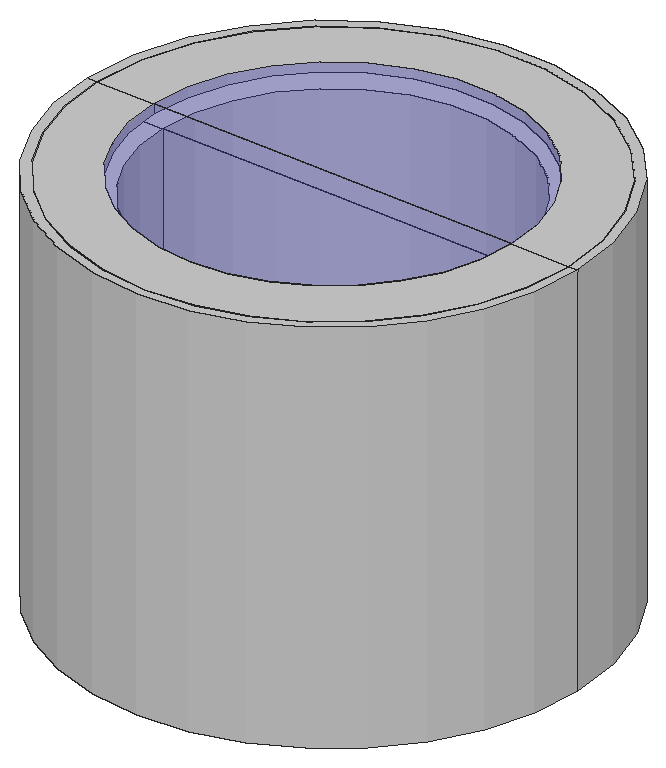
Revit family "77852_HOST_FACE", category Lighting Fixtures, host Face, Revit 2015 (continued)
Types (5): name | Wattage | built-in parameter 1150134 | Photometric Web File | built-in parameter 1150142 | Model | built-in parameter 1150105 | Lumens | Lamp | built-in parameter 1150107 | built-in parameter 1150106 | Description | Default Elevation
    30 0.65 0.00 0.00 0.00 0.00 0.00 0.00 0.00 0.00 0.00 0.94 1.88 2.65 3.41 4.47 5.53 6.78 8.02 9.57 11.12\r\n 12.62 14.12 15.49 16.85 18.20 19.54 20.79 22.03 23.21 24.39 25.38 26.36 27.15 27.93 28.48 29.02 29.47 29.91 30.49 31.07 31.89 32.00\r\n0.99 1.00 1.02 1.02 1.02 1.04 1.06 1.09 1.13 1.14 1.16 1.17 1.20 1.23 1.26 1.27 1.29 1.31 1.32 1.33 1.34 1.34 1.34 1.35 1.35 1.34 1.33 1.32 1.32 1.32 1.31 0.72 0.08 0.00 0.00 0.00 0.00 0.00 0.00 0.00 0.11 1.01 1.91 2.67 3.45 4.48 5.54 6.84 8.13 9.66 11.19\r\n 12.67 14.16 15.52 16.89 18.23 19.57 20.81 22.05 23.23 24.40 25.39 26.37 27.15 27.93 28.48 29.02 29.47 29.91 30.49 31.07 31.89 32.00\r\n0.99 1.00 1.02 1.02 1.02 1.04 1.06 1.09 1.12 1.14 1.15 1.17 1.20 1.23 1.25 1.27 1.28 1.30 1.31 1.33 1.35 1.35 1.35 1.35 1.34 1.33 1.33 1.33 1.32 1.31 1.31 0.90 0.30 0.00 0.00 0.00 0.00 0.00 0.00 0.00 0.41 1.23 2.02 2.71 3.51 4.51 5.57 6.90 8.25 9.75 11.26\r\n 12.78 14.26 15.62 16.99 18.32 19.65 20.88 22.10 23.28 24.44 25.42 26.39 27.17 27.95 28.49 29.03 29.47 29.92 30.50 31.08 31.89 32.00\r\n0.99 1.00 1.02 1.02 1.03 1.04 1.06 1.09 1.12 1.13 1.14 1.17 1.20 1.23 1.25 1.26 1.28 1.30 1.32 1.33 1.35 1.35 1.35 1.35 1.34 1.34 1.33 1.33 1.33 1.32 1.31 1.18 0.64 0.15 0.00 0.00 0.00 0.00 0.00 0.20 0.83 1.56 2.24 2.89 3.73 4.71 5.79 7.07 8.43 9.89 11.39\r\n 12.94 14.42 15.78 17.12 18.45 19.76 20.98 22.19 23.36 24.50 25.48 26.43 27.21 27.97 28.51 29.04 29.48 29.92 30.50 31.08 31.90 32.00\r\n0.99 1.00 1.02 1.02 1.03 1.05 1.06 1.09 1.11 1.13 1.14 1.17 1.20 1.22 1.24 1.26 1.28 1.30 1.32 1.33 1.34 1.35 1.35 1.35 1.35 1.34 1.33 1.32 1.32 1.33 1.31 1.30 1.07 0.63 0.31 0.09 0.00 0.11 0.41 0.86 1.39 1.94 2.51 3.15 4.18 5.15 6.21 7.39 8.75 10.12 \r\n11.63 13.22 14.68 16.00 17.32 18.64 19.92 21.12 22.31 23.47 24.59 25.55 26.49 27.26 28.00 28.53 29.06 29.49 29.94 30.51 31.09 31.90 32.00\r\n0.99 1.00 1.02 1.02 1.03 1.05 1.06 1.09 1.11 1.12 1.14 1.17 1.19 1.22 1.24 1.26 1.27 1.29 1.31 1.32 1.34 1.35 1.35 1.35 1.34 1.33 1.32 1.32 1.33 1.32 1.31 1.32 1.30 1.18 0.92 0.80 0.80 0.95 1.22 1.60 2.00 2.42 2.89 3.67 4.62 5.65 6.75 7.82 9.29 10.71 \r\n12.13 13.63 15.01 16.29 17.58 18.87 20.12 21.30 22.47 23.61 24.70 25.65 26.55 27.32 28.04 28.57 29.08 29.51 29.96 30.53 31.11 31.91 32.00\r\n0.99 1.00 1.02 1.02 1.03 1.05 1.06 1.09 1.10 1.12 1.14 1.17 1.19 1.21 1.23 1.26 1.27 1.29 1.30 1.31 1.33 1.35 1.35 1.35 1.34 1.33 1.33 1.33 1.33 1.34 1.36 1.37 1.39 1.41 1.45 1.50 1.59 1.76 1.95 2.23 2.58 2.99 3.55 4.28 5.15 6.18 7.23 8.49 9.95 11.36 \r\n12.72 14.14 15.38 16.64 17.90 19.15 20.35 21.52 22.66 23.79 24.83 25.76 26.63 27.39 28.08 28.61 29.11 29.53 29.98 30.55 31.13 31.92 32.00\r\n0.99 1.00 1.02 1.02 1.03 1.05 1.06 1.08 1.10 1.12 1.14 1.16 1.18 1.20 1.23 1.25 1.27 1.28 1.29 1.31 1.33 1.34 1.35 1.35 1.35 1.34 1.35 1.36 1.38 1.40 1.46 1.50 1.54 1.60 1.72 1.85 2.03 2.25 2.49 2.80 3.17 3.74 4.38 5.04 5.87 6.85 7.85 9.19 10.62 11.99 \r\n13.28 14.58 15.80 17.03 18.25 19.48 20.63 21.78 22.88 23.99 24.98 25.90 26.73 27.48 28.14 28.65 29.14 29.56 30.01 30.57 31.15 31.93 32.00\r\n0.99 1.00 1.01 1.02 1.03 1.05 1.06 1.08 1.10 1.12 1.14 1.16 1.18 1.19 1.22 1.25 1.26 1.28 1.29 1.30 1.32 1.34 1.35 1.35 1.36 1.37 1.40 1.44 1.49 1.55 1.62 1.70 1.81 1.90 2.05 2.23 2.46 2.74 3.06 3.48 3.98 4.56 5.19 5.95 6.79 7.65 8.66 9.88 11.27 12.58 \r\n13.87 15.07 16.26 17.46 18.66 19.83 20.94 22.07 23.14 24.22 25.15 26.05 26.84 27.58 28.20 28.71 29.18 29.59 30.04 30.59 31.17 31.94 32.00\r\n0.99 1.00 1.01 1.02 1.03 1.05 1.06 1.08 1.10 1.12 1.14 1.16 1.18 1.19 1.21 1.24 1.25 1.27 1.28 1.29 1.31 1.33 1.35 1.37 1.40 1.44 1.51 1.58 1.66 1.76 1.85 1.98 2.13 2.29 2.51 2.76 3.06 3.39 3.77 4.22 4.77 5.36 6.04 6.84 7.71 8.61 9.51 10.61 11.90 13.23 \r\n14.44 15.58 16.79 17.91 19.09 20.21 21.29 22.37 23.42 24.45 25.34 26.22 26.97 27.70 28.26 28.76 29.22 29.62 30.08 30.62 31.20 31.95 32.00\r\n0.99 1.00 1.01 1.02 1.03 1.05 1.06 1.08 1.09 1.11 1.14 1.16 1.17 1.18 1.20 1.22 1.24 1.25 1.27 1.28 1.31 1.33 1.37 1.42 1.49 1.58 1.68 1.78 1.89 2.01 2.15 2.33 2.52 2.74 3.01 3.31 3.65 4.04 4.47 4.98 5.56 6.18 6.84 7.62 8.60 9.60 10.46 11.45 12.66 13.93 \r\n15.01 16.12 17.25 18.41 19.54 20.60 21.68 22.70 23.72 24.69 25.55 26.40 27.11 27.83 28.34 28.83 29.26 29.66 30.12 30.65 31.22 31.97 32.00\r\n0.99 1.00 1.01 1.02 1.03 1.05 1.06 1.07 1.09 1.11 1.13 1.15 1.17 1.18 1.20 1.21 1.23 1.24 1.25 1.28 1.31 1.37 1.45 1.53 1.64 1.76 1.89 2.02 2.16 2.33 2.50 2.71 2.96 3.25 3.56 3.91 4.31 4.75 5.22 5.77 6.38 7.01 7.69 8.49 9.43 10.46 11.41 12.34 13.48 14.55 \r\n15.60 16.68 17.78 18.89 19.98 21.01 22.05 23.06 24.05 24.93 25.78 26.57 27.26 27.95 28.42 28.90 29.31 29.70 30.16 30.68 31.26 31.98 32.00\r\n0.99 1.00 1.01 1.02 1.03 1.04 1.06 1.07 1.09 1.10 1.12 1.15 1.16 1.17 1.19 1.20 1.22 1.24 1.27 1.30 1.36 1.46 1.55 1.68 1.82 1.97 2.13 2.29 2.48 2.70 2.93 3.18 3.45 3.78 4.13 4.52 4.96 5.45 5.96 6.54 7.19 7.84 8.55 9.36 10.25 11.20 12.16 13.16 14.16 15.17\r\n 16.22 17.26 18.32 19.40 20.42 21.45 22.44 23.42 24.39 25.20 26.02 26.75 27.43 28.04 28.51 29.00 29.36 29.74 30.21 30.72 31.29 32.00 32.00\r\n0.99 1.00 1.01 1.02 1.03 1.04 1.06 1.07 1.08 1.10 1.12 1.14 1.15 1.16 1.18 1.20 1.21 1.25 1.28 1.33 1.46 1.56 1.71 1.84 2.03 2.21 2.40 2.61 2.83 3.09 3.37 3.66 3.98 4.34 4.74 5.19 5.67 6.18 6.72 7.32 7.97 8.66 9.38 10.19 11.05 11.96 12.91 13.86 14.82 \r\n15.83 16.82 17.86 18.89 19.89 20.88 21.88 22.84 23.79 24.68 25.48 26.28 26.94 27.61 28.15 28.60 29.05 29.42 29.79 30.26 30.76 31.33 32.02 32.00\r\n0.99 1.00 1.01 1.02 1.03 1.04 1.05 1.06 1.08 1.09 1.11 1.13 1.14 1.15 1.17 1.19 1.22 1.26 1.30 1.43 1.56 1.72 1.88 2.07 2.26 2.48 2.70 2.94 3.22 3.52 3.84 4.17 4.54 4.93 5.36 5.85 6.38 6.91 7.47 8.09 8.75 9.47 10.20 11.00 11.85 12.73 13.63 14.55 15.52 \r\n16.46 17.44 18.44 19.42 20.38 21.36 22.30 23.25 24.18 24.98 25.79 26.50 27.14 27.80 28.26 28.70 29.12 29.48 29.84 30.31 30.80 31.37 32.04 32.00\r\n0.99 1.00 1.01 1.02 1.03 1.04 1.05 1.06 1.07 1.09 1.11 1.12 1.13 1.15 1.17 1.18 1.24 1.28 1.39 1.54 1.70 1.89 2.09 2.30 2.53 2.76 3.04 3.32 3.62 3.97 4.33 4.70 5.12 5.55 6.02 6.54 7.09 7.64 8.23 8.85 9.52 10.27 11.02 11.79 12.61 13.48 14.35 15.26 16.17 \r\n17.11 18.07 19.01 19.95 20.89 21.82 22.75 23.67 24.52 25.29 26.07 26.73 27.35 27.95 28.38 28.81 29.19 29.54 29.90 30.37 30.85 31.41 32.06 32.00\r\n0.99 1.00 1.01 1.01 1.03 1.04 1.05 1.06 1.07 1.08 1.10 1.12 1.13 1.14 1.16 1.21 1.26 1.33 1.49 1.65 1.86 2.06 2.30 2.54 2.82 3.10 3.40 3.72 4.04 4.43 4.82 5.23 5.69 6.17 6.68 7.22 7.79 8.37 8.98 9.61 10.29 11.02 11.76 12.54 13.36 14.23 15.08 15.95 16.85 \r\n17.78 18.66 19.58 20.48 21.42 22.30 23.21 24.07 24.84 25.62 26.32 26.96 27.57 28.07 28.51 28.92 29.27 29.61 29.98 30.43 30.90 31.45 32.08 32.00\r\n0.99 1.00 1.01 1.01 1.02 1.04 1.05 1.05 1.06 1.07 1.09 1.11 1.12 1.13 1.17 1.23 1.29 1.42 1.58 1.79 2.02 2.26 2.52 2.81 3.12 3.44 3.77 4.11 4.49 4.90 5.32 5.76 6.24 6.75 7.29 7.87 8.46 9.06 9.69 10.35 11.04 11.77 12.52 13.30 14.09 14.92 15.77 16.64 17.53 \r\n18.37 19.25 20.14 21.03 21.91 22.79 23.66 24.43 25.18 25.97 26.57 27.19 27.80 28.21 28.63 29.02 29.35 29.68 30.06 30.50 30.95 31.50 32.11 32.00\r\n0.99 1.00 1.01 1.01 1.02 1.03 1.04 1.05 1.05 1.07 1.09 1.10 1.11 1.12 1.19 1.26 1.36 1.52 1.68 1.95 2.19 2.48 2.75 3.08 3.42 3.77 4.15 4.52 4.94 5.37 5.82 6.30 6.80 7.33 7.91 8.51 9.12 9.74 10.40 11.08 11.78 12.50 13.25 14.01 14.81 15.64 16.46 17.29 18.13\r\n 18.97 19.84 20.70 21.57 22.42 23.30 24.04 24.80 25.54 26.21 26.83 27.43 27.95 28.36 28.76 29.12 29.43 29.76 30.15 30.57 31.00 31.55 32.13 32.00\r\n0.99 1.00 1.01 1.01 1.02 1.03 1.04 1.04 1.05 1.06 1.08 1.09 1.10 1.11 1.20 1.28 1.45 1.62 1.85 2.11 2.40 2.70 3.02 3.36 3.72 4.09 4.50 4.92 5.38 5.85 6.33 6.84 7.37 7.92 8.53 9.16 9.81 10.44 11.10 11.78 12.49 13.22 13.99 14.74 15.51 16.31 17.10 17.91 \r\n18.74 19.58 20.41 21.26 22.10 22.95 23.69 24.44 25.17 25.86 26.47 27.09 27.65 28.09 28.51 28.90 29.22 29.52 29.84 30.23 30.64 31.06 31.60 32.16 32.00\r\n0.99 1.00 1.00 1.01 1.02 1.03 1.03 1.03 1.04 1.06 1.08 1.08 1.09 1.13 1.22 1.33 1.54 1.74 2.01 2.28 2.61 2.94 3.29 3.65 4.03 4.42 4.86 5.32 5.81 6.32 6.84 7.38 7.94 8.51 9.15 9.81 10.49 11.13 11.80 12.48 13.18 13.90 14.66 15.40 16.17 16.95 17.74 18.55 \r\n19.35 20.18 20.99 21.84 22.62 23.37 24.10 24.86 25.52 26.15 26.75 27.35 27.81 28.24 28.67 29.00 29.32 29.61 29.94 30.33 30.71 31.12 31.66 32.18 32.00\r\n0.99 1.00 1.00 1.01 1.02 1.03 1.03 1.03 1.04 1.06 1.07 1.07 1.08 1.15 1.25 1.42 1.63 1.88 2.16 2.46 2.81 3.17 3.56 3.95 4.35 4.79 5.23 5.73 6.25 6.78 7.34 7.91 8.50 9.09 9.73 10.39 11.07 11.75 12.43 13.12 13.82 14.54 15.30 16.06 16.84 17.59 18.38 19.17 \r\n19.97 20.78 21.58 22.31 23.04 23.79 24.52 25.20 25.82 26.44 27.04 27.53 27.97 28.39 28.82 29.12 29.42 29.71 30.05 30.42 30.79 31.21 31.71 32.21 32.00\r\n0.99 1.00 1.00 1.01 1.01 1.02 1.02 1.02 1.04 1.05 1.06 1.07 1.08 1.18 1.27 1.50 1.73 2.01 2.30 2.65 3.00 3.39 3.79 4.23 4.67 5.15 5.63 6.14 6.67 7.22 7.81 8.42 9.04 9.66 10.31 10.97 11.65 12.36 13.06 13.76 14.46 15.18 15.94 16.70 17.46 18.23 19.03 19.81 \r\n20.59 21.31 22.03 22.75 23.48 24.21 24.88 25.51 26.14 26.74 27.26 27.69 28.14 28.55 28.92 29.23 29.52 29.81 30.17 30.52 30.87 31.29 31.77 32.24 32.00\r\n0.99 1.00 1.00 1.01 1.01 1.02 1.02 1.02 1.03 1.05 1.05 1.06 1.10 1.20 1.33 1.58 1.83 2.14 2.45 2.81 3.18 3.60 4.02 4.48 4.95 5.46 5.99 6.53 7.08 7.66 8.26 8.88 9.52 10.17 10.85 11.54 12.26 12.95 13.66 14.36 15.07 15.80 16.56 17.34 18.09 18.85 19.60 20.34 \r\n21.07 21.78 22.50 23.20 23.89 24.55 25.22 25.83 26.45 26.95 27.43 27.86 28.30 28.69 29.03 29.35 29.63 29.95 30.29 30.62 30.95 31.38 31.83 32.27 32.00\r\n0.99 1.00 1.00 1.00 1.01 1.01 1.01 1.01 1.03 1.05 1.05 1.05 1.12 1.22 1.40 1.66 1.94 2.26 2.60 2.97 3.37 3.80 4.25 4.72 5.22 5.74 6.30 6.87 7.46 8.06 8.70 9.34 10.00 10.68 11.39 12.12 12.86 13.55 14.26 14.96 15.67 16.38 17.13 17.90 18.61 19.35 20.09 20.83\r\n 21.55 22.26 22.93 23.60 24.26 24.91 25.56 26.14 26.65 27.13 27.59 28.04 28.44 28.81 29.15 29.48 29.75 30.09 30.41 30.73 31.04 31.47 31.89 32.30 32.00\r\n0.99 1.00 1.00 1.00 1.01 1.01 1.01 1.01 1.03 1.04 1.04 1.04 1.14 1.24 1.47 1.74 2.04 2.37 2.74 3.12 3.55 3.99 4.48 4.97 5.49 6.02 6.62 7.22 7.83 8.46 9.12 9.79 10.46 11.16 11.87 12.60 13.34 14.04 14.76 15.46 16.18 16.89 17.64 18.41 19.13 19.86 20.58 21.29\r\n 21.97 22.66 23.33 24.00 24.65 25.28 25.81 26.33 26.83 27.31 27.77 28.20 28.58 28.95 29.27 29.60 29.91 30.24 30.54 30.83 31.16 31.56 31.95 32.33 32.00\r\n0.99 1.00 1.00 1.00 1.01 1.01 1.00 1.01 1.02 1.03 1.03 1.04 1.16 1.27 1.54 1.81 2.14 2.48 2.87 3.26 3.72 4.18 4.70 5.22 5.76 6.31 6.92 7.53 8.16 8.81 9.50 10.20 10.90 11.62 12.35 13.08 13.81 14.53 15.25 15.96 16.67 17.38 18.12 18.86 19.57 20.27 20.97 \r\n21.69 22.37 23.07 23.73 24.36 24.92 25.48 26.00 26.53 27.02 27.51 27.92 28.35 28.71 29.08 29.40 29.76 30.07 30.38 30.67 30.94 31.29 31.65 32.02 32.36 32.00\r\n0.99 0.99 1.00 1.00 1.01 1.00 1.00 1.00 1.02 1.03 1.02 1.06 1.18 1.33 1.60 1.88 2.23 2.58 2.99 3.40 3.89 4.37 4.90 5.44 6.01 6.59 7.20 7.83 8.47 9.13 9.81 10.51 11.21 11.95 12.70 13.44 14.18 14.90 15.62 16.35 17.08 17.81 18.54 19.27 19.98 20.68 21.38 \r\n22.07 22.72 23.36 23.96 24.56 25.12 25.68 26.20 26.73 27.19 27.65 28.07 28.49 28.86 29.22 29.57 29.93 30.24 30.53 30.81 31.08 31.42 31.75 32.08 32.40 32.00\r\n0.99 0.99 1.00 1.00 1.00 1.00 0.99 1.00 1.02 1.02 1.02 1.07 1.20 1.38 1.65 1.95 2.31 2.69 3.11 3.55 4.05 4.56 5.09 5.63 6.20 6.80 7.42 8.07 8.73 9.40 10.09 10.79 11.51 12.27 13.04 13.80 14.55 15.26 15.98 16.73 17.47 18.20 18.91 19.61 20.29 20.97 21.63 \r\n22.29 22.92 23.55 24.16 24.77 25.34 25.87 26.39 26.89 27.36 27.81 28.23 28.64 29.02 29.41 29.77 30.10 30.41 30.68 30.96 31.24 31.55 31.85 32.15 32.43 32.00\r\n0.99 0.99 1.00 1.00 1.00 1.00 0.99 1.00 1.01 1.02 1.02 1.09 1.21 1.42 1.70 2.02 2.39 2.79 3.21 3.67 4.17 4.69 5.24 5.81 6.39 6.99 7.62 8.28 8.95 9.64 10.33 11.04 11.75 12.51 13.28 14.05 14.82 15.53 16.25 16.99 17.72 18.43 19.14 19.84 20.53 21.21 21.87 \r\n22.52 23.16 23.76 24.36 24.95 25.51 26.04 26.56 27.06 27.53 27.97 28.39 28.83 29.23 29.61 29.96 30.28 30.58 30.84 31.13 31.41 31.68 31.95 32.22 32.46 32.00\r\n0.99 0.99 1.00 1.00 1.00 1.00 0.99 1.00 1.01 1.01 1.01 1.10 1.23 1.46 1.74 2.09 2.47 2.88 3.31 3.78 4.27 4.80 5.35 5.93 6.53 7.16 7.82 8.48 9.16 9.85 10.56 11.27 11.99 12.75 13.52 14.30 15.08 15.80 16.52 17.24 17.96 18.66 19.36 20.07 20.76 21.43 22.09 \r\n22.72 23.35 23.96 24.55 25.13 25.69 26.22 26.74 27.25 27.73 28.18 28.63 29.05 29.45 29.82 30.17 30.47 30.78 31.05 31.33 31.57 31.82 32.05 32.29 32.50 32.00\r\n0.99 0.99 0.99 1.00 1.00 1.00 0.99 1.00 1.01 1.01 1.01 1.11 1.23 1.49 1.79 2.15 2.54 2.97 3.42 3.89 4.38 4.90 5.44 6.04 6.65 7.32 8.01 8.68 9.34 10.05 10.77 11.49 12.22 12.97 13.73 14.49 15.25 15.99 16.73 17.45 18.17 18.87 19.56 20.27 20.98 21.64 22.29 \r\n22.93 23.56 24.17 24.76 25.33 25.89 26.44 26.98 27.49 27.98 28.43 28.87 29.28 29.68 30.03 30.37 30.68 31.01 31.27 31.53 31.74 31.96 32.16 32.36 32.53 32.00\r\n0.99 0.99 0.99 1.00 1.00 0.99 0.99 1.00 1.00 1.01 1.01 1.12 1.24 1.52 1.82 2.20 2.60 3.05 3.52 4.01 4.51 5.05 5.60 6.20 6.80 7.48 8.18 8.85 9.51 10.24 10.97 11.70 12.44 13.18 13.95 14.67 15.42 16.18 16.95 17.67 18.39 19.08 19.78 20.49 21.20 21.87 22.53 \r\n23.17 23.82 24.43 25.04 25.61 26.17 26.72 27.25 27.75 28.24 28.68 29.12 29.52 29.91 30.29 30.66 30.97 31.27 31.51 31.74 31.92 32.09 32.26 32.43 32.57 32.00\r\n0.99 0.99 0.99 0.99 1.00 0.99 0.99 0.99 1.00 1.01 1.01 1.13 1.27 1.56 1.86 2.26 2.66 3.13 3.61 4.12 4.63 5.19 5.75 6.36 6.97 7.64 8.32 9.00 9.68 10.40 11.12 11.86 12.63 13.37 14.15 14.90 15.68 16.42 17.17 17.89 18.62 19.32 20.02 20.74 21.46 22.13 22.80 \r\n23.46 24.12 24.73 25.34 25.91 26.47 27.00 27.53 28.03 28.52 28.99 29.45 29.86 30.27 30.62 30.97 31.26 31.54 31.74 31.94 32.09 32.23 32.37 32.50 32.60 32.00\r\n0.99 0.99 0.99 0.99 0.99 0.99 0.99 0.99 1.00 1.00 1.01 1.15 1.30 1.59 1.90 2.31 2.72 3.19 3.68 4.20 4.72 5.30 5.88 6.51 7.15 7.79 8.48 9.15 9.87 10.56 11.29 12.02 12.78 13.55 14.34 15.13 15.93 16.66 17.40 18.13 18.86 19.57 20.29 21.01 21.74 22.42 23.11 \r\n23.79 24.46 25.08 25.71 26.28 26.86 27.39 27.94 28.44 28.95 29.40 29.86 30.25 30.64 30.96 31.29 31.55 31.81 31.98 32.15 32.26 32.38 32.47 32.57 32.64 32.00\r\n0.99 0.99 0.99 0.99 0.99 0.99 0.99 0.99 0.99 1.00 1.01 1.16 1.31 1.62 1.94 2.35 2.77 3.25 3.73 4.26 4.80 5.39 5.99 6.64 7.30 7.97 8.65 9.36 10.07 10.82 11.57 12.32 13.08 13.87 14.66 15.46 16.27 17.02 17.77 18.51 19.26 19.98 20.70 21.44 22.18 22.87 23.56 \r\n24.23 24.90 25.52 26.15 26.72 27.30 27.84 28.37 28.88 29.38 29.83 30.28 30.64 31.01 31.31 31.61 31.85 32.08 32.22 32.36 32.44 32.52 32.58 32.64 32.67 32.00\r\n0.99 0.99 0.99 0.99 0.99 0.99 0.99 0.99 0.99 1.00 1.01 1.17 1.33 1.65 1.96 2.39 2.81 3.29 3.77 4.32 4.86 5.47 6.07 6.76 7.44 8.13 8.82 9.55 10.28 11.07 11.85 12.62 13.39 14.18 14.97 15.79 16.61 17.38 18.14 18.90 19.66 20.40 21.13 21.88 22.63 23.33 24.03 \r\n24.69 25.34 25.97 26.60 27.18 27.76 28.29 28.82 29.33 29.83 30.27 30.70 31.05 31.39 31.67 31.94 32.15 32.35 32.46 32.57 32.62 32.66 32.69 32.71 32.71 32.00\r\n0.99 1.02 1.05 1.08 1.11 1.14 1.17 1.20 1.23 1.27 1.32 1.51 1.70 2.05 2.42 2.88 3.35 3.87 4.40 4.99 5.59 6.25 6.93 7.65 8.38 9.12 9.88 10.66 11.45 12.27 13.10 13.91 14.74 15.60 16.46 17.30 18.15 18.95 19.76 20.54 21.33 22.12 22.91 23.65 24.39 25.09 25.78 \r\n26.43 27.07 27.70 28.32 28.86 29.40 29.89 30.37 30.81 31.25 31.62 31.98 32.26 32.53 32.72 32.91 33.03 33.15 33.16 33.17 33.12 33.07 32.99 32.91 32.81 32.00\r\n0.99 1.05 1.11 1.17 1.23 1.29 1.35 1.41 1.47 1.55 1.62 1.84 2.07 2.46 2.86 3.36 3.87 4.44 5.01 5.65 6.30 7.03 7.76 8.52 9.31 10.09 10.93 11.75 12.62 13.46 14.34 15.20 16.13 17.03 17.96 18.82 19.68 20.53 21.39 22.22 23.05 23.85 24.69 25.43 26.16 26.85 \r\n27.54 28.19 28.82 29.44 30.05 30.56 31.06 31.50 31.92 32.31 32.68 32.98 33.27 33.48 33.67 33.78 33.89 33.92 33.95 33.87 33.78 33.63 33.47 33.30 33.12 32.91 32.00\r\n0.99 1.08 1.17 1.26 1.35 1.44 1.53 1.62 1.71 1.82 1.93 2.17 2.42 2.85 3.29 3.83 4.38 5.04 5.82 6.67 7.52 8.43 9.34 10.27 11.18 12.14 13.08 14.05 15.00 15.97 16.92 17.88 18.85 19.82 20.82 21.72 22.63 23.49 24.33 25.14 25.93 26.72 27.49 28.19 28.87 29.50 \r\n30.11 30.67 31.22 31.73 32.22 32.63 33.01 33.31 33.60 33.84 34.12 34.35 34.56 34.70 34.81 34.85 34.87 34.81 34.75 34.57 34.38 34.13 33.88 33.60 33.32 33.02 32.00\r\n0.99 1.11 1.23 1.3
